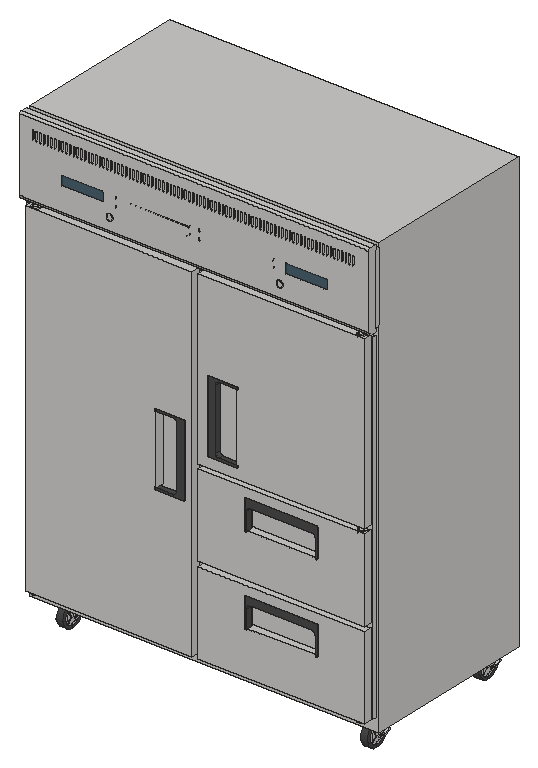
Revit family "QF_EVEREST_ESWQ2D2", category Specialty Equipment, Revit 2015
Parameters (values of type "ESWQ2D2")
  Weight in Pounds = 556
  Watts = if(Phase = 3, Volts * FL Amps * 1.73, Volts * FL Amps)  # 632.5 W
  Volts = 115 V
  URL Cutsheet = ""
  Specification by User = ""
  Specification by Manufacturer = ""
  Show Clearance [instance] = yes
  Serial Number = ""
  Seismic Rating = ""
  SMACNA No = ""
  Revision Code = ""
  Refrigerant Volume = 0.00 kip
  Refrigerant Type = "R290"
  Phase = 1
  Number of Poles = 1
  NAFEM Spec ID Number = ""
  Model = "ESWQ2D2"
  Min Ckt Ampacity = 0 A
  Max Overcurrent Protection = 0 A
  Masterspec = ""
  Manufacturer = "EVEREST"
  Length = 1500 mm
  Item Number = ""
  Installed By = ""
  Identify Quantity as Lot = yes
  Height = 2010 mm
  HP = "1/4+ (R) 1/3 (F)"
  Furnished By = ""
  Foodservice Equipment Identifier = yes
  FL Amps = 5.5 A
  Electrical Remarks = "HAS (X1) 1/4+ HP COMPRESSOR FOR REF SIDE AND (X1) 1/3 HP COMPRESSOR FOR FRZ SIDE. BTUH IS CALCULATED FOR (2) COMPRESSORS. EACH COMPRESSOR COMES WITH R290 REFRIGERANT."
  Electric Connection Type = ""
  Elec Conn RI Height = 0 mm
  Elec Conn Connection Height = 0 mm
  Description = "DOOR & DRAWER COMBO UPRIGHT REACH–IN FREEZER"
  Depth = 803 mm
  Cycle = 60 Hz
  Conn Plug = "NEMA 5-15P"
  Conn Conduit = yes
  CSI MasterFormat = ""
  BTUH = 4237.0 Btu/h
  Apparent Power = 0 VA
Reference planes
  plane 1 "BACK": y = 0
  plane 2: z = 0
  plane 3 "LEFT": x = 0
  plane 4 "RIGHT": x = 1500
  plane 5 "FRONT": y = -803
  plane 6 "TOP": z = 2010
  plane 7 "Center Y": x = 750
  plane 8 "Center X": y = -401.5
  plane 9: y = -1491
  plane 10: z = 125
  plane 11: y = -750
  plane 12: x = 736.732
  plane 13: x = 763.268
Forms (mm)
  Extrusion 1, solid, material "QF_Metal - Stainless - Polished"
    sketch origin (0, 0, 0) x (0, 1, 0) y (0, 0, 1)
      loop
        line (0, 2010) -> (-750, 2010) -> (-750, 125) -> (0, 125) -> (0, 2010)
    from 0 to 1500
  Extrusion 2, solid, material "QF_Metal - Stainless - Polished"
    sketch origin (0, 0, 0) x (0, 1, 0) y (0, 0, 1)
      loop
        line (-765, 2010) -> (-794.973, 2010)
        arc (-794.973, 2010) -> (-800.649, 2007.649) -> (-803, 2001.973) r 8.027
        line (-803, 2001.973) -> (-803, 1687.87)
        arc (-803, 1687.87) -> (-799.172, 1678.628) -> (-789.93, 1674.8) r 13.07
        line (-789.93, 1674.8) -> (-765, 1674.8) -> (-765, 2010)
    from 0 to 1500
  Extrusion 3, solid, material "QF_Metal - Stainless - Polished"
    sketch origin (0, 0, 0) x (0, 1, 0) y (0, 0, 1)
      loop
        line (-765, 1688.8) -> (-758.141, 1688.8)
        arc (-758.141, 1688.8) -> (-757.087, 1689.01) -> (-756.193, 1689.607) r 2.754
        line (-756.193, 1689.607) -> (-750.858, 1694.942)
        arc (-750.858, 1694.942) -> (-750.223, 1695.892) -> (-750, 1697.014) r 2.93
        line (-750, 1697.014) -> (-750, 1990.992)
        arc (-750, 1990.992) -> (-750.222, 1992.108) -> (-750.854, 1993.054) r 2.916
        line (-750.854, 1993.054) -> (-755.935, 1998.135)
        arc (-755.935, 1998.135) -> (-757.115, 1998.923) -> (-758.506, 1999.2) r 3.637
        line (-758.506, 1999.2) -> (-765, 1999.2) -> (-765, 1688.8)
    from 0 to 1500
  Extrusion 4, void
    sketch origin (0, -803, 2030) x (0, 0, -1) y (1, 0, 0)
      loop
        line (105, 61.992) -> (73, 61.992)
        arc (73, 61.992) -> (69, 57.992) -> (73, 53.992) r 4
        line (73, 53.992) -> (105, 53.992)
        arc (105, 53.992) -> (109, 57.992) -> (105, 61.992) r 4
      loop
        line (73, 69.992) -> (105, 69.992)
        arc (105, 69.992) -> (109, 73.992) -> (105, 77.992) r 4
        line (105, 77.992) -> (73, 77.992)
        arc (73, 77.992) -> (69, 73.992) -> (73, 69.992) r 4
      loop
        line (73, 85.992) -> (105, 85.992)
        arc (105, 85.992) -> (109, 89.992) -> (105, 93.992) r 4
        line (105, 93.992) -> (73, 93.992)
        arc (73, 93.992) -> (69, 89.992) -> (73, 85.992) r 4
      loop
        line (73, 101.992) -> (105, 101.992)
        arc (105, 101.992) -> (109, 105.992) -> (105, 109.992) r 4
        line (105, 109.992) -> (73, 109.992)
        arc (73, 109.992) -> (69, 105.992) -> (73, 101.992) r 4
      loop
        line (73, 117.992) -> (105, 117.992)
        arc (105, 117.992) -> (109, 121.992) -> (105, 125.992) r 4
        line (105, 125.992) -> (73, 125.992)
        arc (73, 125.992) -> (69, 121.992) -> (73, 117.992) r 4
      loop
        line (73, 133.992) -> (105, 133.992)
        arc (105, 133.992) -> (109, 137.992) -> (105, 141.992) r 4
        line (105, 141.992) -> (73, 141.992)
        arc (73, 141.992) -> (69, 137.992) -> (73, 133.992) r 4
      loop
        line (73, 149.992) -> (105, 149.992)
        arc (105, 149.992) -> (109, 153.992) -> (105, 157.992) r 4
        line (105, 157.992) -> (73, 157.992)
        arc (73, 157.992) -> (69, 153.992) -> (73, 149.992) r 4
      loop
        line (73, 165.992) -> (105, 165.992)
        arc (105, 165.992) -> (109, 169.992) -> (105, 173.992) r 4
        line (105, 173.992) -> (73, 173.992)
        arc (73, 173.992) -> (69, 169.992) -> (73, 165.992) r 4
      loop
        line (73, 181.992) -> (105, 181.992)
        arc (105, 181.992) -> (109, 185.992) -> (105, 189.992) r 4
        line (105, 189.992) -> (73, 189.992)
        arc (73, 189.992) -> (69, 185.992) -> (73, 181.992) r 4
      loop
        line (73, 197.992) -> (105, 197.992)
        arc (105, 197.992) -> (109, 201.992) -> (105, 205.992) r 4
        line (105, 205.992) -> (73, 205.992)
        arc (73, 205.992) -> (69, 201.992) -> (73, 197.992) r 4
      loop
        line (73, 213.992) -> (105, 213.992)
        arc (105, 213.992) -> (109, 217.992) -> (105, 221.992) r 4
        line (105, 221.992) -> (73, 221.992)
        arc (73, 221.992) -> (69, 217.992) -> (73, 213.992) r 4
      loop
        line (73, 229.992) -> (105, 229.992)
        arc (105, 229.992) -> (109, 233.992) -> (105, 237.992) r 4
        line (105, 237.992) -> (73, 237.992)
        arc (73, 237.992) -> (69, 233.992) -> (73, 229.992) r 4
      loop
        line (73, 245.992) -> (105, 245.992)
        arc (105, 245.992) -> (109, 249.992) -> (105, 253.992) r 4
        line (105, 253.992) -> (73, 253.992)
        arc (73, 253.992) -> (69, 249.992) -> (73, 245.992) r 4
      loop
        line (73, 261.992) -> (105, 261.992)
        arc (105, 261.992) -> (109, 265.992) -> (105, 269.992) r 4
        line (105, 269.992) -> (73, 269.992)
        arc (73, 269.992) -> (69, 265.992) -> (73, 261.992) r 4
      loop
        line (73, 277.992) -> (105, 277.992)
        arc (105, 277.992) -> (109, 281.992) -> (105, 285.992) r 4
        line (105, 285.992) -> (73, 285.992)
        arc (73, 285.992) -> (69, 281.992) -> (73, 277.992) r 4
      loop
        line (73, 293.992) -> (105, 293.992)
        arc (105, 293.992) -> (109, 297.992) -> (105, 301.992) r 4
        line (105, 301.992) -> (73, 301.992)
        arc (73, 301.992) -> (69, 297.992) -> (73, 293.992) r 4
      loop
        line (73, 309.992) -> (105, 309.992)
        arc (105, 309.992) -> (109, 313.992) -> (105, 317.992) r 4
        line (105, 317.992) -> (73, 317.992)
        arc (73, 317.992) -> (69, 313.992) -> (73, 309.992) r 4
      loop
        line (73, 325.992) -> (105, 325.992)
        arc (105, 325.992) -> (109, 329.992) -> (105, 333.992) r 4
        line (105, 333.992) -> (73, 333.992)
        arc (73, 333.992) -> (69, 329.992) -> (73, 325.992) r 4
      loop
        line (73, 341.992) -> (105, 341.992)
        arc (105, 341.992) -> (109, 345.992) -> (105, 349.992) r 4
        line (105, 349.992) -> (73, 349.992)
        arc (73, 349.992) -> (69, 345.992) -> (73, 341.992) r 4
      loop
        line (73, 357.992) -> (105, 357.992)
        arc (105, 357.992) -> (109, 361.992) -> (105, 365.992) r 4
        line (105, 365.992) -> (73, 365.992)
        arc (73, 365.992) -> (69, 361.992) -> (73, 357.992) r 4
      loop
        arc (73, 638.008) -> (69, 634.008) -> (73, 630.008) r 4
        line (73, 630.008) -> (105, 630.008)
        arc (105, 630.008) -> (109, 634.008) -> (105, 638.008) r 4
        line (105, 638.008) -> (73, 638.008)
      loop
        arc (73, 622.008) -> (69, 618.008) -> (73, 614.008) r 4
        line (73, 614.008) -> (105, 614.008)
        arc (105, 614.008) -> (109, 618.008) -> (105, 622.008) r 4
        line (105, 622.008) -> (73, 622.008)
      loop
        arc (73, 606.008) -> (69, 602.008) -> (73, 598.008) r 4
        line (73, 598.008) -> (105, 598.008)
        arc (105, 598.008) -> (109, 602.008) -> (105, 606.008) r 4
        line (105, 606.008) -> (73, 606.008)
      loop
        arc (73, 590.008) -> (69, 586.008) -> (73, 582.008) r 4
        line (73, 582.008) -> (105, 582.008)
        arc (105, 582.008) -> (109, 586.008) -> (105, 590.008) r 4
        line (105, 590.008) -> (73, 590.008)
      loop
        arc (73, 574.008) -> (69, 570.008) -> (73, 566.008) r 4
        line (73, 566.008) -> (105, 566.008)
        arc (105, 566.008) -> (109, 570.008) -> (105, 574.008) r 4
        line (105, 574.008) -> (73, 574.008)
      loop
        arc (73, 558.008) -> (69, 554.008) -> (73, 550.008) r 4
        line (73, 550.008) -> (105, 550.008)
        arc (105, 550.008) -> (109, 554.008) -> (105, 558.008) r 4
        line (105, 558.008) -> (73, 558.008)
      loop
        arc (73, 542.008) -> (69, 538.008) -> (73, 534.008) r 4
        line (73, 534.008) -> (105, 534.008)
        arc (105, 534.008) -> (109, 538.008) -> (105, 542.008) r 4
        line (105, 542.008) -> (73, 542.008)
      loop
        arc (73, 526.008) -> (69, 522.008) -> (73, 518.008) r 4
        line (73, 518.008) -> (105, 518.008)
        arc (105, 518.008) -> (109, 522.008) -> (105, 526.008) r 4
        line (105, 526.008) -> (73, 526.008)
      loop
        arc (73, 510.008) -> (69, 506.008) -> (73, 502.008) r 4
        line (73, 502.008) -> (105, 502.008)
        arc (105, 502.008) -> (109, 506.008) -> (105, 510.008) r 4
        line (105, 510.008) -> (73, 510.008)
      loop
        arc (73, 494.008) -> (69, 490.008) -> (73, 486.008) r 4
        line (73, 486.008) -> (105, 486.008)
        arc (105, 486.008) -> (109, 490.008) -> (105, 494.008) r 4
        line (105, 494.008) -> (73, 494.008)
      loop
        arc (73, 478.008) -> (69, 474.008) -> (73, 470.008) r 4
        line (73, 470.008) -> (105, 470.008)
        arc (105, 470.008) -> (109, 474.008) -> (105, 478.008) r 4
        line (105, 478.008) -> (73, 478.008)
      loop
        arc (73, 462.008) -> (69, 458.008) -> (73, 454.008) r 4
        line (73, 454.008) -> (105, 454.008)
        arc (105, 454.008) -> (109, 458.008) -> (105, 462.008) r 4
        line (105, 462.008) -> (73, 462.008)
      loop
        arc (73, 446.008) -> (69, 442.008) -> (73, 438.008) r 4
        line (73, 438.008) -> (105, 438.008)
        arc (105, 438.008) -> (109, 442.008) -> (105, 446.008) r 4
        line (105, 446.008) -> (73, 446.008)
      loop
        arc (73, 430.008) -> (69, 426.008) -> (73, 422.008) r 4
        line (73, 422.008) -> (105, 422.008)
        arc (105, 422.008) -> (109, 426.008) -> (105, 430.008) r 4
        line (105, 430.008) -> (73, 430.008)
      loop
        arc (73, 414.008) -> (69, 410.008) -> (73, 406.008) r 4
        line (73, 406.008) -> (105, 406.008)
        arc (105, 406.008) -> (109, 410.008) -> (105, 414.008) r 4
        line (105, 414.008) -> (73, 414.008)
      loop
        arc (73, 398.008) -> (69, 394.008) -> (73, 390.008) r 4
        line (73, 390.008) -> (105, 390.008)
        arc (105, 390.008) -> (109, 394.008) -> (105, 398.008) r 4
        line (105, 398.008) -> (73, 398.008)
      loop
        arc (73, 382.008) -> (69, 378.008) -> (73, 374.008) r 4
        line (73, 374.008) -> (105, 374.008)
        arc (105, 374.008) -> (109, 378.008) -> (105, 382.008) r 4
        line (105, 382.008) -> (73, 382.008)
      loop
        line (73, 646.008) -> (105, 646.008)
        arc (105, 646.008) -> (109, 650.008) -> (105, 654.008) r 4
        line (105, 654.008) -> (73, 654.008)
        arc (73, 654.008) -> (69, 650.008) -> (73, 646.008) r 4
      loop
        line (73, 662.008) -> (105, 662.008)
        arc (105, 662.008) -> (109, 666.008) -> (105, 670.008) r 4
        line (105, 670.008) -> (73, 670.008)
        arc (73, 670.008) -> (69, 666.008) -> (73, 662.008) r 4
      loop
        line (73, 678.008) -> (105, 678.008)
        arc (105, 678.008) -> (109, 682.008) -> (105, 686.008) r 4
        line (105, 686.008) -> (73, 686.008)
        arc (73, 686.008) -> (69, 682.008) -> (73, 678.008) r 4
      loop
        line (73, 694.008) -> (105, 694.008)
        arc (105, 694.008) -> (109, 698.008) -> (105, 702.008) r 4
        line (105, 702.008) -> (73, 702.008)
        arc (73, 702.008) -> (69, 698.008) -> (73, 694.008) r 4
      loop
        line (73, 710.008) -> (105, 710.008)
        arc (105, 710.008) -> (109, 714.008) -> (105, 718.008) r 4
        line (105, 718.008) -> (73, 718.008)
        arc (73, 718.008) -> (69, 714.008) -> (73, 710.008) r 4
      loop
        line (73, 726.008) -> (105, 726.008)
        arc (105, 726.008) -> (109, 730.008) -> (105, 734.008) r 4
        line (105, 734.008) -> (73, 734.008)
        arc (73, 734.008) -> (69, 730.008) -> (73, 726.008) r 4
      loop
        line (73, 742.008) -> (105, 742.008)
        arc (105, 742.008) -> (109, 746.008) -> (105, 750.008) r 4
        line (105, 750.008) -> (73, 750.008)
        arc (73, 750.008) -> (69, 746.008) -> (73, 742.008) r 4
      loop
        line (200.331, 409.988) -> (204.769, 409.988)
        arc (204.769, 409.988) -> (208.31, 411.455) -> (209.777, 414.996) r 5.007
        line (209.777, 414.996) -> (209.777, 724.766)
        arc (209.777, 724.766) -> (208.39, 728.446) -> (204.774, 729.99) r 5.007
        line (204.774, 729.99) -> (200.333, 729.99)
        arc (200.333, 729.99) -> (203.873, 728.518) -> (205.34, 724.978) r 5.007
        line (205.34, 724.978) -> (205.34, 415.001)
        arc (205.34, 415.001) -> (203.873, 411.459) -> (200.331, 409.988) r 5.009
      loop
        line (233.379, 409.988) -> (237.818, 409.988)
        arc (237.818, 409.988) -> (241.359, 411.455) -> (242.825, 414.996) r 5.007
        line (242.825, 414.996) -> (242.825, 724.766)
        arc (242.825, 724.766) -> (241.439, 728.446) -> (237.823, 729.99) r 5.007
        line (237.823, 729.99) -> (233.382, 729.99)
        arc (233.382, 729.99) -> (236.922, 728.518) -> (238.388, 724.978) r 5.007
        line (238.388, 724.978) -> (238.388, 415.001)
        arc (238.388, 415.001) -> (236.921, 411.459) -> (233.379, 409.988) r 5.009
      loop
        arc (238.92, 1141.75) -> (240.268, 1142.308) -> (240.826, 1143.655) r 1.905
        line (240.826, 1143.655) -> (240.826, 1319.26)
        arc (240.826, 1319.26) -> (240.243, 1320.667) -> (238.836, 1321.25) r 1.99
        line (238.836, 1321.25) -> (200.764, 1321.25)
        arc (200.764, 1321.25) -> (199.35, 1320.664) -> (198.764, 1319.25) r 2
        line (198.764, 1319.25) -> (198.764, 1143.75)
        arc (198.764, 1143.75) -> (199.35, 1142.336) -> (200.764, 1141.75) r 2
        line (200.764, 1141.75) -> (238.92, 1141.75)
      loop
        line (200.331, 769.993) -> (204.769, 769.993)
        arc (204.769, 769.993) -> (208.31, 771.459) -> (209.777, 775) r 5.007
        line (209.777, 775) -> (209.777, 1084.77)
        arc (209.777, 1084.77) -> (208.39, 1088.45) -> (204.774, 1089.994) r 5.007
        line (204.774, 1089.994) -> (200.333, 1089.994)
        arc (200.333, 1089.994) -> (203.873, 1088.523) -> (205.34, 1084.982) r 5.007
        line (205.34, 1084.982) -> (205.34, 775.005)
        arc (205.34, 775.005) -> (203.873, 771.463) -> (200.331, 769.993) r 5.009
      loop
        line (233.379, 769.993) -> (237.818, 769.993)
        arc (237.818, 769.993) -> (241.359, 771.459) -> (242.825, 775) r 5.007
        line (242.825, 775) -> (242.825, 1084.77)
        arc (242.825, 1084.77) -> (241.439, 1088.45) -> (237.823, 1089.994) r 5.007
        line (237.823, 1089.994) -> (233.382, 1089.994)
        arc (233.382, 1089.994) -> (236.922, 1088.523) -> (238.388, 1084.982) r 5.007
        line (238.388, 1084.982) -> (238.388, 775.005)
        arc (238.388, 775.005) -> (236.921, 771.463) -> (233.379, 769.993) r 5.009
      loop
        arc (105, 1430.025) -> (109, 1434.025) -> (105, 1438.025) r 4
        line (105, 1438.025) -> (73, 1438.025)
        arc (73, 1438.025) -> (69, 1434.025) -> (73, 1430.025) r 4
        line (73, 1430.025) -> (105, 1430.025)
      loop
        arc (73, 1422.025) -> (69, 1418.025) -> (73, 1414.025) r 4
        line (73, 1414.025) -> (105, 1414.025)
        arc (105, 1414.025) -> (109, 1418.025) -> (105, 1422.025) r 4
        line (105, 1422.025) -> (73, 1422.025)
      loop
        arc (73, 1406.025) -> (69, 1402.025) -> (73, 1398.025) r 4
        line (73, 1398.025) -> (105, 1398.025)
        arc (105, 1398.025) -> (109, 1402.025) -> (105, 1406.025) r 4
        line (105, 1406.025) -> (73, 1406.025)
      loop
        arc (73, 1390.025) -> (69, 1386.025) -> (73, 1382.025) r 4
        line (73, 1382.025) -> (105, 1382.025)
        arc (105, 1382.025) -> (109, 1386.025) -> (105, 1390.025) r 4
        line (105, 1390.025) -> (73, 1390.025)
      loop
        arc (73, 1374.025) -> (69, 1370.025) -> (73, 1366.025) r 4
        line (73, 1366.025) -> (105, 1366.025)
        arc (105, 1366.025) -> (109, 1370.025) -> (105, 1374.025) r 4
        line (105, 1374.025) -> (73, 1374.025)
      loop
        arc (73, 1358.025) -> (69, 1354.025) -> (73, 1350.025) r 4
        line (73, 1350.025) -> (105, 1350.025)
        arc (105, 1350.025) -> (109, 1354.025) -> (105, 1358.025) r 4
        line (105, 1358.025) -> (73, 1358.025)
      loop
        arc (73, 1342.025) -> (69, 1338.025) -> (73, 1334.025) r 4
        line (73, 1334.025) -> (105, 1334.025)
        arc (105, 1334.025) -> (109, 1338.025) -> (105, 1342.025) r 4
        line (105, 1342.025) -> (73, 1342.025)
      loop
        arc (73, 1326.025) -> (69, 1322.025) -> (73, 1318.025) r 4
        line (73, 1318.025) -> (105, 1318.025)
        arc (105, 1318.025) -> (109, 1322.025) -> (105, 1326.025) r 4
        line (105, 1326.025) -> (73, 1326.025)
      loop
        arc (73, 1310.025) -> (69, 1306.025) -> (73, 1302.025) r 4
        line (73, 1302.025) -> (105, 1302.025)
        arc (105, 1302.025) -> (109, 1306.025) -> (105, 1310.025) r 4
        line (105, 1310.025) -> (73, 1310.025)
      loop
        arc (73, 1294.025) -> (69, 1290.025) -> (73, 1286.025) r 4
        line (73, 1286.025) -> (105, 1286.025)
        arc (105, 1286.025) -> (109, 1290.025) -> (105, 1294.025) r 4
        line (105, 1294.025) -> (73, 1294.025)
      loop
        arc (73, 1278.025) -> (69, 1274.025) -> (73, 1270.025) r 4
        line (73, 1270.025) -> (105, 1270.025)
        arc (105, 1270.025) -> (109, 1274.025) -> (105, 1278.025) r 4
        line (105, 1278.025) -> (73, 1278.025)
      loop
        arc (73, 1262.025) -> (69, 1258.025) -> (73, 1254.025) r 4
        line (73, 1254.025) -> (105, 1254.025)
        arc (105, 1254.025) -> (109, 1258.025) -> (105, 1262.025) r 4
        line (105, 1262.025) -> (73, 1262.025)
      loop
        arc (73, 1246.025) -> (69, 1242.025) -> (73, 1238.025) r 4
        line (73, 1238.025) -> (105, 1238.025)
        arc (105, 1238.025) -> (109, 1242.025) -> (105, 1246.025) r 4
        line (105, 1246.025) -> (73, 1246.025)
      loop
        arc (73, 1230.025) -> (69, 1226.025) -> (73, 1222.025) r 4
        line (73, 1222.025) -> (105, 1222.025)
        arc (105, 1222.025) -> (109, 1226.025) -> (105, 1230.025) r 4
        line (105, 1230.025) -> (73, 1230.025)
      loop
        arc (73, 1214.025) -> (69, 1210.025) -> (73, 1206.025) r 4
        line (73, 1206.025) -> (105, 1206.025)
        arc (105, 1206.025) -> (109, 1210.025) -> (105, 1214.025) r 4
        line (105, 1214.025) -> (73, 1214.025)
      loop
        arc (73, 1198.025) -> (69, 1194.025) -> (73, 1190.025) r 4
        line (73, 1190.025) -> (105, 1190.025)
        arc (105, 1190.025) -> (109, 1194.025) -> (105, 1198.025) r 4
        line (105, 1198.025) -> (73, 1198.025)
      loop
        arc (73, 1182.025) -> (69, 1178.025) -> (73, 1174.025) r 4
        line (73, 1174.025) -> (105, 1174.025)
        arc (105, 1174.025) -> (109, 1178.025) -> (105, 1182.025) r 4
        line (105, 1182.025) -> (73, 1182.025)
      loop
        arc (73, 1166.025) -> (69, 1162.025) -> (73, 1158.025) r 4
        line (73, 1158.025) -> (105, 1158.025)
        arc (105, 1158.025) -> (109, 1162.025) -> (105, 1166.025) r 4
        line (105, 1166.025) -> (73, 1166.025)
      loop
        arc (73, 1150.025) -> (69, 1146.025) -> (73, 1142.025) r 4
        line (73, 1142.025) -> (105, 1142.025)
        arc (105, 1142.025) -> (109, 1146.025) -> (105, 1150.025) r 4
        line (105, 1150.025) -> (73, 1150.025)
      loop
        arc (73, 1134.025) -> (69, 1130.025) -> (73, 1126.025) r 4
        line (73, 1126.025) -> (105, 1126.025)
        arc (105, 1126.025) -> (109, 1130.025) -> (105, 1134.025) r 4
        line (105, 1134.025) -> (73, 1134.025)
      loop
        line (73, 854.008) -> (105, 854.008)
        arc (105, 854.008) -> (109, 858.008) -> (105, 862.008) r 4
        line (105, 862.008) -> (73, 862.008)
        arc (73, 862.008) -> (69, 858.008) -> (73, 854.008) r 4
      loop
        line (73, 870.008) -> (105, 870.008)
        arc (105, 870.008) -> (109, 874.008) -> (105, 878.008) r 4
        line (105, 878.008) -> (73, 878.008)
        arc (73, 878.008) -> (69, 874.008) -> (73, 870.008) r 4
      loop
        line (73, 886.008) -> (105, 886.008)
        arc (105, 886.008) -> (109, 890.008) -> (105, 894.008) r 4
        line (105, 894.008) -> (73, 894.008)
        arc (73, 894.008) -> (69, 890.008) -> (73, 886.008) r 4
      loop
        line (73, 902.008) -> (105, 902.008)
        arc (105, 902.008) -> (109, 906.008) -> (105, 910.008) r 4
        line (105, 910.008) -> (73, 910.008)
        arc (73, 910.008) -> (69, 906.008) -> (73, 902.008) r 4
      loop
        line (73, 918.008) -> (105, 918.008)
        arc (105, 918.008) -> (109, 922.008) -> (105, 926.008) r 4
        line (105, 926.008) -> (73, 926.008)
        arc (73, 926.008) -> (69, 922.008) -> (73, 918.008) r 4
      loop
        line (73, 934.008) -> (105, 934.008)
        arc (105, 934.008) -> (109, 938.008) -> (105, 942.008) r 4
        line (105, 942.008) -> (73, 942.008)
        arc (73, 942.008) -> (69, 938.008) -> (73, 934.008) r 4
      loop
        line (73, 950.008) -> (105, 950.008)
        arc (105, 950.008) -> (109, 954.008) -> (105, 958.008) r 4
        line (105, 958.008) -> (73, 958.008)
        arc (73, 958.008) -> (69, 954.008) -> (73, 950.008) r 4
      loop
        line (73, 966.008) -> (105, 966.008)
        arc (105, 966.008) -> (109, 970.008) -> (105, 974.008) r 4
        line (105, 974.008) -> (73, 974.008)
        arc (73, 974.008) -> (69, 970.008) -> (73, 966.008) r 4
      loop
        line (73, 982.008) -> (105, 982.008)
        arc (105, 982.008) -> (109, 986.008) -> (105, 990.008) r 4
        line (105, 990.008) -> (73, 990.008)
        arc (73, 990.008) -> (69, 986.008) -> (73, 982.008) r 4
      loop
        line (73, 998.008) -> (105, 998.008)
        arc (105, 998.008) -> (109, 1002.008) -> (105, 1006.008) r 4
        line (105, 1006.008) -> (73, 1006.008)
        arc (73, 1006.008) -> (69, 1002.008) -> (73, 998.008) r 4
      loop
        line (73, 1014.008) -> (105, 1014.008)
        arc (105, 1014.008) -> (109, 1018.008) -> (105, 1022.008) r 4
        line (105, 1022.008) -> (73, 1022.008)
        arc (73, 1022.008) -> (69, 1018.008) -> (73, 1014.008) r 4
      loop
        line (73, 1030.008) -> (105, 1030.008)
        arc (105, 1030.008) -> (109, 1034.008) -> (105, 1038.008) r 4
        line (105, 1038.008) -> (73, 1038.008)
        arc (73, 1038.008) -> (69, 1034.008) -> (73, 1030.008) r 4
      loop
        line (73, 1046.008) -> (105, 1046.008)
        arc (105, 1046.008) -> (109, 1050.008) -> (105, 1054.008) r 4
        line (105, 1054.008) -> (73, 1054.008)
        arc (73, 1054.008) -> (69, 1050.008) -> (73, 1046.008) r 4
      loop
        line (73, 1062.008) -> (105, 1062.008)
        arc (105, 1062.008) -> (109, 1066.008) -> (105, 1070.008) r 4
        line (105, 1070.008) -> (73, 1070.008)
        arc (73, 1070.008) -> (69, 1066.008) -> (73, 1062.008) r 4
      loop
        line (73, 1078.008) -> (105, 1078.008)
        arc (105, 1078.008) -> (109, 1082.008) -> (105, 1086.008) r 4
        line (105, 1086.008) -> (73, 1086.008)
        arc (73, 1086.008) -> (69, 1082.008) -> (73, 1078.008) r 4
      loop
        line (73, 1094.008) -> (105, 1094.008)
        arc (105, 1094.008) -> (109, 1098.008) -> (105, 1102.008) r 4
        line (105, 1102.008) -> (73, 1102.008)
        arc (73, 1102.008) -> (69, 1098.008) -> (73, 1094.008) r 4
      loop
        line (73, 1110.008) -> (105, 1110.008)
        arc (105, 1110.008) -> (109, 1114.008) -> (105, 1118.008) r 4
        line (105, 1118.008) -> (73, 1118.008)
        arc (73, 1118.008) -> (69, 1114.008) -> (73, 1110.008) r 4
      loop
        arc (73, 846.008) -> (69, 842.008) -> (73, 838.008) r 4
        line (73, 838.008) -> (105, 838.008)
        arc (105, 838.008) -> (109, 842.008) -> (105, 846.008) r 4
        line (105, 846.008) -> (73, 846.008)
      loop
        arc (73, 830.008) -> (69, 826.008) -> (73, 822.008) r 4
        line (73, 822.008) -> (105, 822.008)
        arc (105, 822.008) -> (109, 826.008) -> (105, 830.008) r 4
        line (105, 830.008) -> (73, 830.008)
      loop
        arc (73, 814.008) -> (69, 810.008) -> (73, 806.008) r 4
        line (73, 806.008) -> (105, 806.008)
        arc (105, 806.008) -> (109, 810.008) -> (105, 814.008) r 4
        line (105, 814.008) -> (73, 814.008)
      loop
        arc (73, 798.008) -> (69, 794.008) -> (73, 790.008) r 4
        line (73, 790.008) -> (105, 790.008)
        arc (105, 790.008) -> (109, 794.008) -> (105, 798.008) r 4
        line (105, 798.008) -> (73, 798.008)
      loop
        arc (73, 782.008) -> (69, 778.008) -> (73, 774.008) r 4
        line (73, 774.008) -> (105, 774.008)
        arc (105, 774.008) -> (109, 778.008) -> (105, 782.008) r 4
        line (105, 782.008) -> (73, 782.008)
      loop
        arc (73, 766.008) -> (69, 762.008) -> (73, 758.008) r 4
        line (73, 758.008) -> (105, 758.008)
        arc (105, 758.008) -> (109, 762.008) -> (105, 766.008) r 4
        line (105, 766.008) -> (73, 766.008)
      loop
        line (238.92, 358.25) -> (200.764, 358.25)
        arc (200.764, 358.25) -> (199.35, 357.664) -> (198.764, 356.25) r 2
        line (198.764, 356.25) -> (198.764, 180.75)
        arc (198.764, 180.75) -> (199.35, 179.336) -> (200.764, 178.75) r 2
        line (200.764, 178.75) -> (238.836, 178.75)
        arc (238.836, 178.75) -> (240.243, 179.333) -> (240.826, 180.74) r 1.99
        line (240.826, 180.74) -> (240.826, 356.345)
        arc (240.826, 356.345) -> (240.268, 357.692) -> (238.92, 358.25) r 1.905
    from 0 to -3
  Extrusion 5, solid, material "QF_Metal - Stainless - Polished"
    sketch origin (0, 0, 1980) x (0, 0, 1) y (1, 0, 0)
      loop
        circle (-239.948, 870) r 6.35
    from 0 to 10
  Extrusion 6, void
    sketch origin (0, -803, 2030) x (0, 0, -1) y (1, 0, 0)
      loop
        circle (289.948, 1115) r 13.3
      loop
        circle (289.948, 385) r 13.3
    from 0 to -5
  Extrusion 7, solid, material "QF_Metal - Stainless - Polished"
    sketch origin (10, 0, 0) x (1, 0, 0) y (0, 0, 1)
      loop
        line (12.732, 172.5) -> (726.732, 172.5) -> (726.732, 1654) -> (12.732, 1654) -> (12.732, 172.5)
      loop
        line (691, 1071.5) -> (572, 1071.5)
        arc (572, 1071.5) -> (568.464, 1070.036) -> (567, 1066.5) r 5
        line (567, 1066.5) -> (567, 1061.5) -> (572, 1061.5) -> (572, 768.5) -> (567, 768.5) -> (567, 763.5)
        arc (567, 763.5) -> (568.464, 759.964) -> (572, 758.5) r 5
        line (572, 758.5) -> (691, 758.5)
        arc (691, 758.5) -> (694.536, 759.964) -> (696, 763.5) r 5
        line (696, 763.5) -> (696, 1066.5)
        arc (696, 1066.5) -> (694.536, 1070.036) -> (691, 1071.5) r 5
    from 765 to 800
  Extrusion 8, solid, material "QF_Plastic - Black - Smooth"
    sketch origin (128.275, 0, 0) x (1, 0, 0) y (0, 0, 1)
      loop
        arc (682.306, 1279) -> (678.771, 1277.536) -> (677.306, 1274) r 5
        line (677.306, 1274) -> (677.306, 971)
        arc (677.306, 971) -> (678.771, 967.464) -> (682.306, 966) r 5
        line (682.306, 966) -> (801.306, 966)
        arc (801.306, 966) -> (804.842, 967.464) -> (806.306, 971) r 5
        line (806.306, 971) -> (806.306, 976) -> (725.306, 976)
        arc (725.306, 976) -> (714.7, 980.393) -> (710.306, 991) r 15
        line (710.306, 991) -> (710.306, 1254)
        arc (710.306, 1254) -> (714.7, 1264.607) -> (725.306, 1269) r 15
        line (725.306, 1269) -> (806.306, 1269) -> (806.306, 1274)
        arc (806.306, 1274) -> (804.842, 1277.536) -> (801.306, 1279) r 5
        line (801.306, 1279) -> (682.306, 1279)
      loop
        arc (1148.359, 858.25) -> (1146.895, 861.786) -> (1143.359, 863.25) r 5
        line (1143.359, 863.25) -> (840.359, 863.25)
        arc (840.359, 863.25) -> (836.824, 861.786) -> (835.359, 858.25) r 5
        line (835.359, 858.25) -> (835.359, 739.25)
        arc (835.359, 739.25) -> (836.824, 735.714) -> (840.359, 734.25) r 5
        line (840.359, 734.25) -> (845.359, 734.25) -> (845.359, 815.25)
        arc (845.359, 815.25) -> (849.752, 825.857) -> (860.359, 830.25) r 15
        line (860.359, 830.25) -> (1123.359, 830.25)
        arc (1123.359, 830.25) -> (1133.966, 825.857) -> (1138.359, 815.25) r 15
        line (1138.359, 815.25) -> (1138.359, 734.25) -> (1143.359, 734.25)
        arc (1143.359, 734.25) -> (1146.895, 735.714) -> (1148.359, 739.25) r 5
        line (1148.359, 739.25) -> (1148.359, 858.25)
      loop
        arc (1148.359, 482.5) -> (1146.895, 486.036) -> (1143.359, 487.5) r 5
        line (1143.359, 487.5) -> (840.359, 487.5)
        arc (840.359, 487.5) -> (836.824, 486.036) -> (835.359, 482.5) r 5
        line (835.359, 482.5) -> (835.359, 363.5)
        arc (835.359, 363.5) -> (836.824, 359.964) -> (840.359, 358.5) r 5
        line (840.359, 358.5) -> (845.359, 358.5) -> (845.359, 439.5)
        arc (845.359, 439.5) -> (849.752, 450.107) -> (860.359, 454.5) r 15
        line (860.359, 454.5) -> (1123.359, 454.5)
        arc (1123.359, 454.5) -> (1133.966, 450.107) -> (1138.359, 439.5) r 15
        line (1138.359, 439.5) -> (1138.359, 358.5) -> (1143.359, 358.5)
        arc (1143.359, 358.5) -> (1146.895, 359.964) -> (1148.359, 363.5) r 5
        line (1148.359, 363.5) -> (1148.359, 482.5)
      loop
        line (572.725, 1071.5) -> (453.725, 1071.5)
        arc (453.725, 1071.5) -> (450.189, 1070.036) -> (448.725, 1066.5) r 5
        line (448.725, 1066.5) -> (448.725, 1061.5) -> (529.725, 1061.5)
        arc (529.725, 1061.5) -> (540.332, 1057.107) -> (544.725, 1046.5) r 15
        line (544.725, 1046.5) -> (544.725, 783.5)
        arc (544.725, 783.5) -> (540.332, 772.893) -> (529.725, 768.5) r 15
        line (529.725, 768.5) -> (448.725, 768.5) -> (448.725, 763.5)
        arc (448.725, 763.5) -> (450.189, 759.964) -> (453.725, 758.5) r 5
        line (453.725, 758.5) -> (572.725, 758.5)
        arc (572.725, 758.5) -> (576.26, 759.964) -> (577.725, 763.5) r 5
        line (577.725, 763.5) -> (577.725, 1066.5)
        arc (577.725, 1066.5) -> (576.26, 1070.036) -> (572.725, 1071.5) r 5
    from 780 to 800
  Extrusion 9, solid, material "Glass"
    sketch origin (0, -800, 2030) x (0, 0, -1) y (1, 0, 0)
      loop
        arc (198.764, 1143.75) -> (199.35, 1142.336) -> (200.764, 1141.75) r 2
        line (200.764, 1141.75) -> (238.92, 1141.75)
        arc (238.92, 1141.75) -> (240.268, 1142.308) -> (240.826, 1143.655) r 1.905
        line (240.826, 1143.655) -> (240.826, 1319.26)
        arc (240.826, 1319.26) -> (240.243, 1320.667) -> (238.836, 1321.25) r 1.99
        line (238.836, 1321.25) -> (200.764, 1321.25)
        arc (200.764, 1321.25) -> (199.35, 1320.664) -> (198.764, 1319.25) r 2
        line (198.764, 1319.25) -> (198.764, 1143.75)
      loop
        line (198.764, 356.25) -> (198.764, 180.75)
        arc (198.764, 180.75) -> (199.35, 179.336) -> (200.764, 178.75) r 2
        line (200.764, 178.75) -> (238.836, 178.75)
        arc (238.836, 178.75) -> (240.243, 179.333) -> (240.826, 180.74) r 1.99
        line (240.826, 180.74) -> (240.826, 356.345)
        arc (240.826, 356.345) -> (240.268, 357.692) -> (238.92, 358.25) r 1.905
        line (238.92, 358.25) -> (200.764, 358.25)
        arc (200.764, 358.25) -> (199.35, 357.664) -> (198.764, 356.25) r 2
    from 0 to 3
  Extrusion 10, solid, material "QF_Metal - Stainless - Polished"
    sketch origin (1490, 0, 0) x (-1, 0, 0) y (0, 0, -1)
      loop
        line (726.732, -172.5) -> (13, -172.5) -> (13, -527.5) -> (726.732, -527.5) -> (726.732, -172.5)
      loop
        line (726.732, -1654) -> (726.732, -924) -> (13, -924) -> (13, -1654) -> (726.732, -1654)
      loop
        arc (679.418, -1279) -> (682.954, -1277.536) -> (684.418, -1274) r 5
        line (684.418, -1274) -> (684.418, -971)
        arc (684.418, -971) -> (682.954, -967.464) -> (679.418, -966) r 5
        line (679.418, -966) -> (560.418, -966)
        arc (560.418, -966) -> (556.883, -967.464) -> (555.418, -971) r 5
        line (555.418, -971) -> (555.418, -976) -> (560.418, -976) -> (560.418, -1269) -> (555.418, -1269) -> (555.418, -1274)
        arc (555.418, -1274) -> (556.883, -1277.536) -> (560.418, -1279) r 5
        line (560.418, -1279) -> (679.418, -1279)
      loop
        line (726.732, -903.25) -> (726.732, -548.25) -> (13, -548.25) -> (13, -903.25) -> (726.732, -903.25)
      loop
        arc (213.366, -858.25) -> (214.83, -861.786) -> (218.366, -863.25) r 5
        line (218.366, -863.25) -> (521.366, -863.25)
        arc (521.366, -863.25) -> (524.901, -861.786) -> (526.366, -858.25) r 5
        line (526.366, -858.25) -> (526.366, -739.25)
        arc (526.366, -739.25) -> (524.901, -735.714) -> (521.366, -734.25) r 5
        line (521.366, -734.25) -> (516.366, -734.25) -> (516.366, -739.25) -> (223.366, -739.25) -> (223.366, -734.25) -> (218.366, -734.25)
        arc (218.366, -734.25) -> (214.83, -735.714) -> (213.366, -739.25) r 5
        line (213.366, -739.25) -> (213.366, -858.25)
      loop
        arc (213.366, -482.5) -> (214.83, -486.036) -> (218.366, -487.5) r 5
        line (218.366, -487.5) -> (521.366, -487.5)
        arc (521.366, -487.5) -> (524.901, -486.036) -> (526.366, -482.5) r 5
        line (526.366, -482.5) -> (526.366, -363.5)
        arc (526.366, -363.5) -> (524.901, -359.964) -> (521.366, -358.5) r 5
        line (521.366, -358.5) -> (516.366, -358.5) -> (516.366, -363.5) -> (223.366, -363.5) -> (223.366, -358.5) -> (218.366, -358.5)
        arc (218.366, -358.5) -> (214.83, -359.964) -> (213.366, -363.5) r 5
        line (213.366, -363.5) -> (213.366, -482.5)
    from 765 to 800
  Extrusion 11, solid, material "QF_Metal - Stainless - Polished"
    sketch origin (747.727, 0, 172.5) x (0, 1, 0) y (1, 0, 0)
      loop
        circle (-784, -696.732) r 10
    from 0 to 5
  Extrusion 12, solid, material "QF_Metal - Stainless - Polished"
    sketch origin (747.727, 0, 172.5) x (0, 1, 0) y (1, 0, 0)
      loop
        line (-789.13, -710.827) -> (-750, -717.727) -> (-750, -675.737) -> (-784, -681.732)
        arc (-784, -681.732) -> (-798.772, -694.127) -> (-789.13, -710.827) r 15
      loop
        circle (-784, -696.732) r 10
    from 0 to 2.5
  Extrusion 13, solid, material "QF_Metal - Stainless - Polished"
    sketch origin (1280.995, 0, 1654) x (-1, 0, 0) y (0, -1, 0)
      loop
        circle (1230, 784) r 10
    from 0 to 5
  Extrusion 14, solid, material "QF_Metal - Stainless - Polished"
    sketch origin (1280.995, 0, 1654) x (-1, 0, 0) y (0, -1, 0)
      loop
        arc (1244.095, 789.13) -> (1227.395, 798.772) -> (1215, 784) r 15
        line (1215, 784) -> (1209.005, 750) -> (1250.995, 750) -> (1244.095, 789.13)
      loop
        circle (1230, 784) r 10
    from 0 to 2.5
  Extrusion 15, solid, material "QF_Metal - Stainless - Polished"
    sketch origin (752.273, 0, 172.5) x (0, -1, 0) y (-1, 0, 0)
      loop
        circle (784, -696.732) r 10
    from 0 to 5
  Extrusion 16, solid, material "QF_Metal - Stainless - Polished"
    sketch origin (752.273, 0, 172.5) x (0, -1, 0) y (-1, 0, 0)
      loop
        arc (789.13, -710.827) -> (798.772, -694.127) -> (784, -681.732) r 15
        line (784, -681.732) -> (750, -675.737) -> (750, -717.727) -> (789.13, -710.827)
      loop
        circle (784, -696.732) r 10
    from 0 to 2.5
  Extrusion 17, solid, material "QF_Metal - Stainless - Polished"
    sketch origin (219.005, 0, 1654) x (1, 0, 0) y (0, 1, 0)
      loop
        circle (1230, -784) r 10
    from 0 to 5
  Extrusion 18, solid, material "QF_Metal - Stainless - Polished"
    sketch origin (219.005, 0, 1654) x (1, 0, 0) y (0, 1, 0)
      loop
        line (1244.095, -789.13) -> (1250.995, -750) -> (1209.005, -750) -> (1215, -784)
        arc (1215, -784) -> (1227.395, -798.772) -> (1244.095, -789.13) r 15
      loop
        circle (1230, -784) r 10
    from 0 to 2.5
  Extrusion 19, solid, material "QF_Metal - Stainless - Polished"
    sketch origin (752.273, 0, 924) x (0, -1, 0) y (-1, 0, 0)
      loop
        circle (784, -696.732) r 10
    from 0 to 5
  Extrusion 20, solid, material "QF_Metal - Stainless - Polished"
    sketch origin (752.273, 0, 924) x (0, -1, 0) y (-1, 0, 0)
      loop
        arc (789.13, -710.827) -> (798.772, -694.127) -> (784, -681.732) r 15
        line (784, -681.732) -> (750, -675.737) -> (750, -717.727) -> (789.13, -710.827)
      loop
        circle (784, -696.732) r 10
    from 0 to 2.5
  Extrusion 21, solid, material "QF_Metal - Stainless - Polished"
    sketch origin (219.005, 0, 899) x (1, 0, 0) y (0, 1, 0)
      loop
        circle (1230, -784) r 10
    from 0 to 5
  Extrusion 22, solid, material "QF_Metal - Stainless - Polished"
    sketch origin (219.005, 0, 899) x (1, 0, 0) y (0, 1, 0)
      loop
        line (1244.095, -789.13) -> (1250.995, -750) -> (1209.005, -750) -> (1215, -784)
        arc (1215, -784) -> (1227.395, -798.772) -> (1244.095, -789.13) r 15
      loop
        circle (1230, -784) r 10
    from 0 to 2.5
  Extrusion 23, solid, material "QF_Door-Drawer Clearances", visible <- "Show Clearance", detail levels coarse
    sketch origin (10, 0, 0) x (1, 0, 0) y (0, 1, 0)
      loop
        line (13, -800) -> (13, -1491)
        arc (13, -1491) -> (495.698, -1275.471) -> (726.732, -800) r 772.371
        line (726.732, -800) -> (13, -800)
    from 172.5 to 1654
  Extrusion 24, solid, material "QF_Door-Drawer Clearances", visible <- "Show Clearance", detail levels coarse
    sketch origin (1490, 0, 0) x (-1, 0, 0) y (0, -1, 0)
      loop
        line (13, 800) -> (726.732, 800)
        arc (726.732, 800) -> (495.698, 1275.471) -> (13, 1491) r 772.371
        line (13, 1491) -> (13, 800)
    from 924 to 1654
  Extrusion 25, solid, material "QF_Metal - Stainless - Polished"
    sketch origin (0, 0, 0) x (0, 1, 0) y (0, 0, 1)
      loop
        line (-765, 1649.409) -> (-765, 179.15) -> (-750, 179.15) -> (-750, 1649.409) -> (-765, 1649.409)
    from 0 to 1487.268
  Extrusion 26, solid, material "QF_Metal - Stainless - Polished"
    sketch origin (0, -800, 2030) x (0, 0, -1) y (1, 0, 0)
      loop
        circle (289.948, 1115) r 13.3
      loop
        circle (289.948, 385) r 13.3
    from 0 to 3
  Extrusion 27, solid, material "QF_Door-Drawer Clearances", visible <- "Show Clearance", detail levels coarse
    sketch origin (1490, -800, 0) x (-1, 0, 0) y (0, 0, -1)
      loop
        line (13, -172.5) -> (13, -527.5) -> (726.732, -527.5) -> (726.732, -172.5) -> (13, -172.5)
      loop
        line (13, -548.25) -> (13, -903.25) -> (726.732, -903.25) -> (726.732, -548.25) -> (13, -548.25)
    from 0 to 710
Cuts and joins
  Extrusion 4, Extrusion 6 cuts Extrusion 2
Lines and regions (mm)
  symbolic lines
    curve 1: line (0, 0, 0) -> (1500, 0, 0)
    curve 2: line (0, -803, 0) -> (0, 0, 0)
    curve 3: line (1500, -803, 0) -> (0, -803, 0)
    curve 4: line (1500, 0, 0) -> (1500, -803, 0)
    curve 5: line (0, -765, 0) -> (1500, -765, 0)
    curve 6: line (0, -750, 0) -> (1500, -750, 0)
  symbolic lines, style "QF_Door-Drawer Clearances"
    curve 7: arc (598.442, -1167.409, 0) -> (690.787, -994.048, 0) -> (736.416, -803, 0) r 772.371
    curve 8: line (23, -803, 0) -> (598.442, -1167.409, 0)
    curve 9: arc (901.558, -1167.409, 0) -> (809.213, -994.048, 0) -> (763.584, -803, 0) r 772.371
    curve 10: line (1477, -803, 0) -> (901.558, -1167.409, 0)
    curve 11: line (763.268, -800, 0) -> (763.268, -1510, 0)
    curve 12: line (763.268, -1510, 0) -> (1477, -1510, 0)
    curve 13: line (1477, -1491, 0) -> (1477, -803, 0)
Dimensions and locks
  equal spacing: plane 3 "LEFT", plane 7 "Center Y", plane 4 "RIGHT"
  "Length": plane 3 "LEFT" to plane 4 "RIGHT"
  equal spacing: plane 5 "FRONT", plane 8 "Center X", plane 1 "BACK"
  "Depth": plane 5 "FRONT" to plane 1 "BACK"
  "Height": plane 6 "TOP" to level
  plane 9 to plane 1 "BACK" = 1491 mm
  plane 6 "TOP" to plane 2 = 2010 mm
  plane 10 to plane 2 = 125 mm
  plane 6 "TOP" to plane 10 = 1885 mm
  plane 5 "FRONT" to plane 1 "BACK" = 803 mm
  plane 11 to plane 1 "BACK" = 750 mm
  Extrusion 7 sketch curve to Extrusion 7 sketch curve = 714 mm
  aligned and locked: plane 2 to level
Automatic sketch dimensions
  Extrusion 1 sketch curve to plane 6 "TOP" = 0 mm
  Extrusion 1 sketch curve to plane 11 = 0 mm
  Extrusion 1 sketch curve to plane 1 "BACK" = 0 mm
  Extrusion 1 sketch curve to plane 10 = 0 mm
  Extrusion 2 sketch curve to plane 5 "FRONT" = 0 mm
  Extrusion 2 sketch curve to plane 6 "TOP" = 0 mm
  Extrusion 2 sketch curve to plane 5 "FRONT" = 8.027 mm
  Extrusion 2 sketch curve to plane 5 "FRONT" = 13.07 mm
  Extrusion 2 sketch curve to plane 11 = 15 mm
  Extrusion 2 sketch curve to Extrusion 2 sketch curve = 314.103 mm
  Extrusion 3 sketch curve to plane 11 = 0 mm
  Extrusion 3 sketch curve to plane 11 = 0.854 mm
  Extrusion 3 sketch curve to plane 11 = 0.858 mm
  Extrusion 3 sketch curve to plane 11 = 2.916 mm
  Extrusion 3 sketch curve to plane 11 = 2.93 mm
  Extrusion 3 sketch curve to plane 11 = 5.935 mm
  Extrusion 3 sketch curve to plane 11 = 6.193 mm
  Extrusion 3 sketch curve to Extrusion 3 sketch curve = 1.947 mm
  Extrusion 3 sketch curve to Extrusion 3 sketch curve = 2.572 mm  (x2)
  Extrusion 3 sketch curve to Extrusion 3 sketch curve = 6.859 mm
  Extrusion 3 sketch curve to plane 6 "TOP" = 321.2 mm
  Extrusion 3 sketch curve to Extrusion 3 sketch curve = 0.807 mm
  Extrusion 3 sketch curve to Extrusion 3 sketch curve = 5.335 mm
  Extrusion 3 sketch curve to plane 6 "TOP" = 19.008 mm
  Extrusion 3 sketch curve to Extrusion 3 sketch curve = 4.571 mm
  Extrusion 2 to Extrusion 4 sketch curve = 44.973 mm  (x3)
  Extrusion 4 sketch curve to Extrusion 4 sketch curve = 0 mm  (x177)
  Extrusion 4 sketch curve to Extrusion 4 sketch curve = 32 mm  (x5)
  Extrusion 4 sketch curve to Extrusion 4 sketch curve = 93.764 mm  (x2)
  Extrusion 4 sketch curve to Extrusion 4 sketch curve = 95.331 mm
  Extrusion 4 sketch curve to Extrusion 4 sketch curve = 1.567 mm
  Extrusion 4 sketch curve to Extrusion 4 sketch curve = 1.569 mm
  Extrusion 4 sketch curve to Extrusion 4 sketch curve = 0.002 mm
  Extrusion 4 sketch curve to Extrusion 4 sketch curve = 2 mm  (x4)
  Extrusion 4 sketch curve to Extrusion 4 sketch curve = 4.439 mm  (x4)
  Extrusion 4 sketch curve to Extrusion 4 sketch curve = 4.441 mm  (x4)
  Extrusion 4 sketch curve to Extrusion 4 sketch curve = 0.57 mm  (x2)
  Extrusion 4 sketch curve to Extrusion 4 sketch curve = 0.566 mm  (x2)
  Extrusion 4 sketch curve to Extrusion 4 sketch curve = 4.437 mm  (x4)
  Extrusion 4 sketch curve to Extrusion 4 sketch curve = 23.603 mm  (x2)
  Extrusion 4 sketch curve to Extrusion 4 sketch curve = 23.605 mm  (x2)
  Extrusion 4 sketch curve to Extrusion 4 sketch curve = 38.072 mm  (x2)
  Extrusion 4 sketch curve to Extrusion 4 sketch curve = 38.157 mm  (x2)
  Extrusion 4 sketch curve to Extrusion 4 sketch curve = 1.905 mm
  Extrusion 4 sketch curve to Extrusion 4 sketch curve = 1.99 mm
  Extrusion 2 to Extrusion 4 sketch curve = 53.992 mm
  Extrusion 4 sketch curve to Extrusion 4 sketch curve = 4 mm  (x87)
  Extrusion 4 sketch curve to Extrusion 4 sketch curve = 8 mm  (x84)
  Extrusion 4 sketch curve to Extrusion 4 sketch curve = 4.758 mm
  Extrusion 4 sketch curve to Extrusion 4 sketch curve = 6.258 mm
  Extrusion 4 sketch curve to Extrusion 4 sketch curve = 8.017 mm  (x2)
  Extrusion 4 sketch curve to Extrusion 4 sketch curve = 51.738 mm
  Extrusion 4 sketch curve to Extrusion 4 sketch curve = 5.007 mm
  Extrusion 4 sketch curve to Extrusion 4 sketch curve = 0.005 mm  (x4)
  Extrusion 4 sketch curve to Extrusion 4 sketch curve = 6.758 mm
  Extrusion 4 sketch curve to Extrusion 4 sketch curve = 0.212 mm  (x4)
  Extrusion 4 sketch curve to Extrusion 4 sketch curve = 0.004 mm  (x4)
  Extrusion 4 sketch curve to Extrusion 4 sketch curve = 40.003 mm
  Extrusion 4 sketch curve to Extrusion 4 sketch curve = 1.238 mm
  Extrusion 4 sketch curve to Extrusion 4 sketch curve = 51.756 mm
  Extrusion 4 sketch curve to Extrusion 4 sketch curve = 1.225 mm
  Extrusion 5 sketch curve to Extrusion 1 = 269.948 mm
  Extrusion 1 to Extrusion 5 sketch curve = 630 mm
  plane 3 "LEFT" to Extrusion 7 sketch curve = 22.732 mm
  Extrusion 7 sketch curve to plane 7 "Center Y" = 173 mm  (x2)
  Extrusion 7 sketch curve to Extrusion 7 sketch curve = 5 mm  (x6)
  Extrusion 7 sketch curve to plane 7 "Center Y" = 49 mm  (x2)
  plane 10 to Extrusion 7 sketch curve = 47.5 mm
  Extrusion 7 sketch curve to Extrusion 7 sketch curve = 586 mm
  Extrusion 7 sketch curve to Extrusion 7 sketch curve = 293 mm
  Extrusion 7 sketch curve to plane 6 "TOP" = 356 mm
  Extrusion 9 sketch curve to plane 6 "TOP" = 178.764 mm  (x2)
  Extrusion 9 sketch curve to Extrusion 9 sketch curve = 2 mm  (x4)
  Extrusion 9 sketch curve to Extrusion 9 sketch curve = 38.072 mm  (x2)
  Extrusion 9 sketch curve to Extrusion 9 sketch curve = 38.157 mm  (x2)
  Extrusion 9 sketch curve to Extrusion 9 sketch curve = 1.99 mm
  Extrusion 9 sketch curve to Extrusion 9 sketch curve = 1.905 mm
  plane 3 "LEFT" to Extrusion 9 sketch curve = 178.75 mm
  Extrusion 9 sketch curve to Extrusion 9 sketch curve = 175.5 mm  (x2)
  plane 4 "RIGHT" to Extrusion 9 sketch curve = 358.25 mm
  Extrusion 11 sketch curve to plane 5 "FRONT" = 19 mm
  plane 3 "LEFT" to Extrusion 11 sketch curve = 50.995 mm
  Extrusion 12 sketch curve to Extrusion 12 sketch curve = 0 mm  (x2)
  Extrusion 12 sketch curve to plane 11 = 0 mm
  Extrusion 12 sketch curve to plane 5 "FRONT" = 19 mm
  Extrusion 12 sketch curve to plane 5 "FRONT" = 13.87 mm
  plane 3 "LEFT" to Extrusion 12 sketch curve = 71.99 mm
  Extrusion 12 sketch curve to Extrusion 12 sketch curve = 5.995 mm
  Extrusion 12 sketch curve to Extrusion 12 sketch curve = 15 mm
  plane 3 "LEFT" to Extrusion 12 sketch curve = 30 mm
  Extrusion 13 sketch curve to plane 5 "FRONT" = 19 mm
  plane 3 "LEFT" to Extrusion 13 sketch curve = 50.995 mm
  Extrusion 14 sketch curve to Extrusion 14 sketch curve = 0 mm  (x2)
  Extrusion 14 sketch curve to plane 11 = 0 mm
  plane 3 "LEFT" to Extrusion 14 sketch curve = 71.99 mm
  Extrusion 14 sketch curve to plane 5 "FRONT" = 19 mm
  Extrusion 14 sketch curve to Extrusion 14 sketch curve = 5.995 mm
  Extrusion 14 sketch curve to Extrusion 14 sketch curve = 15 mm
  Extrusion 14 sketch curve to plane 5 "FRONT" = 13.87 mm
  plane 3 "LEFT" to Extrusion 14 sketch curve = 30 mm
  Extrusion 15 sketch curve to plane 5 "FRONT" = 19 mm
  plane 4 "RIGHT" to Extrusion 15 sketch curve = 50.995 mm
  Extrusion 16 sketch curve to Extrusion 16 sketch curve = 0 mm  (x2)
  Extrusion 16 sketch curve to plane 11 = 0 mm
  Extrusion 16 sketch curve to plane 5 "FRONT" = 19 mm
  Extrusion 16 sketch curve to plane 5 "FRONT" = 13.87 mm
  plane 4 "RIGHT" to Extrusion 16 sketch curve = 71.99 mm
  Extrusion 16 sketch curve to Extrusion 16 sketch curve = 5.995 mm
  Extrusion 16 sketch curve to Extrusion 16 sketch curve = 15 mm
  plane 4 "RIGHT" to Extrusion 16 sketch curve = 30 mm
  Extrusion 17 sketch curve to plane 5 "FRONT" = 19 mm
  plane 4 "RIGHT" to Extrusion 17 sketch curve = 50.995 mm
  Extrusion 18 sketch curve to Extrusion 18 sketch curve = 0 mm  (x2)
  Extrusion 18 sketch curve to plane 11 = 0 mm
  plane 4 "RIGHT" to Extrusion 18 sketch curve = 71.99 mm
  Extrusion 18 sketch curve to plane 5 "FRONT" = 19 mm
  Extrusion 18 sketch curve to Extrusion 18 sketch curve = 5.995 mm
  Extrusion 18 sketch curve to Extrusion 18 sketch curve = 15 mm
  Extrusion 18 sketch curve to plane 5 "FRONT" = 13.87 mm
  plane 4 "RIGHT" to Extrusion 18 sketch curve = 30 mm
  Extrusion 19 sketch curve to plane 5 "FRONT" = 19 mm
  plane 4 "RIGHT" to Extrusion 19 sketch curve = 50.995 mm
  Extrusion 20 sketch curve to Extrusion 20 sketch curve = 0 mm  (x2)
  Extrusion 20 sketch curve to plane 11 = 0 mm
  Extrusion 20 sketch curve to plane 5 "FRONT" = 19 mm
  Extrusion 20 sketch curve to plane 5 "FRONT" = 13.87 mm
  plane 4 "RIGHT" to Extrusion 20 sketch curve = 71.99 mm
  Extrusion 20 sketch curve to Extrusion 20 sketch curve = 5.995 mm
  Extrusion 20 sketch curve to Extrusion 20 sketch curve = 15 mm
  plane 4 "RIGHT" to Extrusion 20 sketch curve = 30 mm
  Extrusion 21 sketch curve to plane 5 "FRONT" = 19 mm
  plane 4 "RIGHT" to Extrusion 21 sketch curve = 50.995 mm
  Extrusion 22 sketch curve to Extrusion 22 sketch curve = 0 mm  (x2)
  Extrusion 22 sketch curve to plane 11 = 0 mm
  plane 4 "RIGHT" to Extrusion 22 sketch curve = 71.99 mm
  Extrusion 22 sketch curve to plane 5 "FRONT" = 19 mm
  Extrusion 22 sketch curve to Extrusion 22 sketch curve = 5.995 mm
  Extrusion 22 sketch curve to Extrusion 22 sketch curve = 15 mm
  Extrusion 22 sketch curve to plane 5 "FRONT" = 13.87 mm
  plane 4 "RIGHT" to Extrusion 22 sketch curve = 30 mm
  Extrusion 25 sketch curve to plane 11 = 0 mm
  Extrusion 25 sketch curve to plane 11 = 15 mm
  plane 10 to Extrusion 25 sketch curve = 54.15 mm
  Extrusion 25 sketch curve to plane 6 "TOP" = 360.591 mm
  Extrusion 6 sketch curve to Extrusion 2 = 52.182 mm  (x2)
  Extrusion 2 to Extrusion 6 sketch curve = 385 mm  (x2)
  Extrusion 26 sketch curve to plane 6 "TOP" = 269.948 mm  (x2)
  plane 7 "Center Y" to Extrusion 26 sketch curve = 365 mm
  Extrusion 26 sketch curve to Extrusion 26 sketch curve = 13.3 mm  (x2)
  Extrusion 26 sketch curve to Extrusion 26 sketch curve = 0 mm  (x2)
  Extrusion 26 sketch curve to plane 7 "Center Y" = 365 mm
  Extrusion 23 sketch curve to plane 9 = 0 mm
  Extrusion 23 sketch curve to plane 3 "LEFT" = 31.543 mm
  Extrusion 23 sketch curve to plane 5 "FRONT" = 3 mm
  plane 3 "LEFT" to Extrusion 23 sketch curve = 23 mm
  Extrusion 23 sketch curve to plane 7 "Center Y" = 13.268 mm
  Extrusion 24 sketch curve to plane 9 = 0 mm
  Extrusion 24 sketch curve to plane 4 "RIGHT" = 31.543 mm
  Extrusion 24 sketch curve to plane 5 "FRONT" = 3 mm
  plane 4 "RIGHT" to Extrusion 24 sketch curve = 23 mm
  plane 7 "Center Y" to Extrusion 24 sketch curve = 13.268 mm
  curve 2 to plane 3 "LEFT" = 0 mm
  plane 5 "FRONT" to curve 8 = 0 mm
  plane 1 "BACK" to curve 4 = 0 mm
  curve 4 to plane 4 "RIGHT" = 0 mm
  curve 6 to plane 11 = 0 mm
  curve 7 to plane 3 "LEFT" = 31.543 mm
  curve 8 to plane 7 "Center Y" = 151.558 mm
  plane 7 "Center Y" to curve 10 = 151.558 mm
  curve 9 to plane 4 "RIGHT" = 31.543 mm
  plane 9 to curve 8 = 323.591 mm
  curve 7 to curve 10 = 0 mm
  plane 11 to curve 9 = 29.443 mm
  plane 11 to curve 7 = 29.443 mm
  plane 3 "LEFT" to curve 8 = 23 mm
  plane 4 "RIGHT" to curve 10 = 23 mm
  curve 5 to curve 6 = 15 mm
  plane 4 "RIGHT" to Extrusion 10 sketch curve = 23 mm  (x3)
  Extrusion 10 sketch curve to Extrusion 10 sketch curve = 200.366 mm  (x2)
  Extrusion 10 sketch curve to Extrusion 10 sketch curve = 5 mm  (x17)
  plane 7 "Center Y" to Extrusion 10 sketch curve = 184.582 mm  (x2)
  plane 7 "Center Y" to Extrusion 10 sketch curve = 223.634 mm  (x2)
  Extrusion 10 sketch curve to Extrusion 10 sketch curve = 39.053 mm
  plane 7 "Center Y" to Extrusion 10 sketch curve = 60.582 mm  (x2)
  plane 7 "Center Y" to Extrusion 10 sketch curve = 13.268 mm  (x2)
  Extrusion 10 sketch curve to Extrusion 10 sketch curve = 0 mm  (x5)
  Extrusion 10 sketch curve to plane 6 "TOP" = 356 mm
  Extrusion 10 sketch curve to Extrusion 10 sketch curve = 375 mm
  Extrusion 10 sketch curve to Extrusion 10 sketch curve = 293 mm
  Extrusion 10 sketch curve to Extrusion 10 sketch curve = 47 mm
  Extrusion 10 sketch curve to Extrusion 10 sketch curve = 20.75 mm  (x2)
  Extrusion 10 sketch curve to Extrusion 10 sketch curve = 119 mm  (x2)
  Extrusion 10 sketch curve to Extrusion 10 sketch curve = 186 mm
  Extrusion 10 sketch curve to Extrusion 10 sketch curve = 246.75 mm
  plane 10 to Extrusion 10 sketch curve = 47.5 mm
  Extrusion 10 sketch curve to Extrusion 10 sketch curve = 102.75 mm
  Extrusion 8 sketch curve to plane 7 "Center Y" = 173 mm  (x2)
  Extrusion 8 sketch curve to Extrusion 8 sketch curve = 5 mm  (x20)
  Extrusion 8 sketch curve to Extrusion 8 sketch curve = 76 mm  (x4)
  Extrusion 8 sketch curve to Extrusion 8 sketch curve = 15 mm  (x7)
  Extrusion 8 sketch curve to Extrusion 8 sketch curve = 28 mm  (x5)
  plane 7 "Center Y" to Extrusion 8 sketch curve = 55.582 mm
  plane 7 "Center Y" to Extrusion 8 sketch curve = 213.634 mm  (x2)
  plane 7 "Center Y" to Extrusion 8 sketch curve = 179.582 mm  (x2)
  Extrusion 8 sketch curve to Extrusion 8 sketch curve = 263 mm  (x3)
  Extrusion 8 sketch curve to Extrusion 8 sketch curve = 20 mm  (x3)
  plane 10 to Extrusion 8 sketch curve = 233.5 mm  (x2)
  Extrusion 8 sketch curve to Extrusion 8 sketch curve = 246.75 mm  (x2)
  Extrusion 8 sketch curve to Extrusion 8 sketch curve = 102.75 mm
  Extrusion 8 sketch curve to Extrusion 8 sketch curve = 212.5 mm
  Extrusion 8 sketch curve to Extrusion 8 sketch curve = 207.5 mm
  Extrusion 27 sketch curve to Extrusion 10 = 0 mm  (x7)
  Extrusion 10 to Extrusion 27 sketch curve = 0 mm
  plane 7 "Center Y" to curve 11 = 13.268 mm
  curve 11 to plane 9 = 19 mm
  plane 4 "RIGHT" to curve 12 = 23 mm
  curve 11 to plane 5 "FRONT" = 3 mm
  curve 13 to plane 9 = 0 mm
  radius of Extrusion 5 sketch curve = 6.35 mm
  radius of Extrusion 11 sketch curve = 10 mm
  radius of Extrusion 12 sketch curve = 10 mm
  radius of Extrusion 13 sketch curve = 10 mm
  radius of Extrusion 14 sketch curve = 10 mm
  radius of Extrusion 15 sketch curve = 10 mm
  radius of Extrusion 16 sketch curve = 10 mm
  radius of Extrusion 17 sketch curve = 10 mm
  radius of Extrusion 18 sketch curve = 10 mm
  radius of Extrusion 19 sketch curve = 10 mm
  radius of Extrusion 20 sketch curve = 10 mm
  radius of Extrusion 21 sketch curve = 10 mm
  radius of Extrusion 22 sketch curve = 10 mm
  radius of Extrusion 6 sketch curve = 13.3 mm  (x2)
Nested families
  nested 1: "5 INCHES 01_CASTER" at (96.503, -682.5, 0), type "5 INCHES 01_CASTER"
    with Type Mark "", Specification by User "", Show 5" Casters yes, Revision Code "", Key Locks yes, Item Number "", Installed By "", Identify Quantity as Lot yes, Furnished By "", Foodservice Equipment Identifier yes
  nested 2: "5 INCHES 01_CASTER" at (1403.497, -682.5, 0), type "5 INCHES 01_CASTER"
    with Type Mark "", Specification by User "", Show 5" Casters yes, Revision Code "", Key Locks yes, Item Number "", Installed By "", Identify Quantity as Lot yes, Furnished By "", Foodservice Equipment Identifier yes
  nested 3: "5 INCHES 01_CASTER" at (96.503, -86.049, 0), type "5 INCHES 01_CASTER"
    with Type Mark "", Specification by User "", Show 5" Casters yes, Revision Code "", Key Locks yes, Item Number "", Installed By "", Identify Quantity as Lot yes, Furnished By "", Foodservice Equipment Identifier yes
  nested 4: "5 INCHES 01_CASTER" at (1403.497, -86.049, 0), type "5 INCHES 01_CASTER"
    with Type Mark "", Specification by User "", Show 5" Casters yes, Revision Code "", Key Locks yes, Item Number "", Installed By "", Identify Quantity as Lot yes, Furnished By "", Foodservice Equipment Identifier yes
Connectors
  electrical at (870, 10, 1740.052), driven by "Volts", driven by "Watts"
    settings: on Extrusion 5, index 1, voltage 115 V, apparent load 632.5 VA, apparent load phase1 0 VA, apparent load phase2 0 VA, apparent load phase3 0 VA, power factor 1, load classification "Other", number of poles 1, system type 30, power factor state 1, is connector primary yes, connector utility no, sub classification motor no, connector description "ELECTRICAL CONNECTION"
